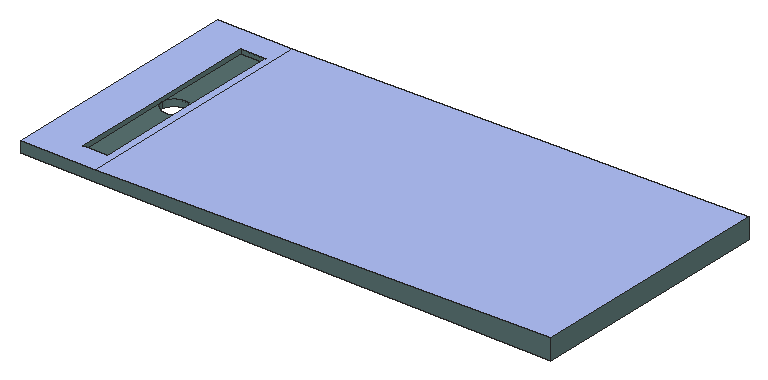
Revit family "ShowerBase_ProBaseII_NobleCompany", category Specialty Equipment, host Face, Revit 2017
Family settings
  Host = Face
  Round Connector Dimension = Use Diameter
  Part Type = Normal
  OmniClass Number = 23.35.50.11.21
  OmniClass Title = Floor Base and Accessories
  Cut with Voids When Loaded = No
  Shared = No
  Room Calculation Point = No
Parameters (values of type "32x60 Offset Drain")
  Width = 64 1/2"
  URL = "www.noblecompany.com"
  Type Comments = ""
  Tile Finish [instance] = Tile as Specified
  Product Properties = "http://www.noblecompany.com/Portals/0/PRODUCT%20INFO/Product%20Descriptions/FreeStyle%20Linear%20Drain%20Product%20Decription%200410.pdf"
  Product Data = "http://www.noblecompany.com/Products/ShowerProducts/tabid/59/Default.aspx"
  Model = "Pro Base II 3260"
  Manufacturer Phone - Toll Free = "800-878-5788"
  Manufacturer Phone = "231-799-8000"
  Manufacturer Fax = "231-799-8850"
  Manufacturer Email = "mailto:sales@noblecompany.com"
  Manufacturer Address = "7300 Enterprise Drive, Spring Lake, MI  49456 USA"
  Manufacturer = "Noble Company"
  Keynote = "09 30 13.A3"
  Hang = 1/8"
  Flush to Wall = no
  Drawn By = "Sumex Design / Robert S. Weygant"
  DrainLoc = 6 3/4"
  Drain Width = 4 1/2"
  Drain Length = 24"
  Drain Hole Diameter = 3"
  Depth = 32"
  Installation-Fabrication = "http://www.noblecompany.com/Portals/0/PRODUCT%20INFO/Product%20Descriptions/FreeStyle%20Linear%20Drain%20Product%20Decription%200410.pdf"
  Height = 2.467"
  Description = "Noble Pro Base II Shower Base Kit"
  Cut_Side B [instance] = 1"
  Cut_Side A [instance] = 1"
  Cut_Head = if((Flush to Wall), 4 1/2", 0")  # 0"
  Cut_End [instance] = 0"
  Copyright = "(c) 2018 ARCAT, Inc."
  Building Codes = "http://www.noblecompany.com/Portals/0/TECHNICAL%20INFO/Listing_Testing_Certification_Reports/PMG-1065%20Noble%20Company%20Linear%20Drain%20final%202.pdf"
  Base = Polypropylene - High Strength
  Assembly Code = "D2030300"
  Default Elevation = 0"
Types (4): name | Model | Flush to Wall | Drain Length | Depth | Cut_Head
  32x60 Flush to Wall | "Pro Base II 3260" | yes | 24" | 32" | 4 1/2"
  32x60 Offset Drain | "Pro Base II 3260" | no | 24" | 32" | 0"
  64x64 Flush to Wall | "Pro Base II 6464" | yes | 60" | 64" | 4 1/2"
  64x64 Offset Drain | "Pro Base II 6464" | no | 60" | 64" | 0"
Reference planes (in)
  plane 1 "Center (Front/Back)": y = 0
  plane 2: z = 0
  plane 3 "Center (Left/Right)": x = 0
  plane 4: x = 32.25
  plane 5: y = 16
  plane 6: z = 2.467
  plane 7: y = 15
  plane 8: x = 32.25
  plane 9 "TO Board": z = 1.25
  plane 10: x = -32.25
  plane 11: x = -32.25
  plane 12: y = -16
  plane 13: y = -15
  plane 14 "Drain CL": x = -25.5
  plane 15: x = -27.75
  plane 16: x = -23.25
  plane 17 "Drain Recess": z = 0.75
  plane 18: y = 12
  plane 19: y = -12
Forms (in)
  Extrusion 1, solid, material "Polypropylene - High Strength" <- "Base"
    sketch origin (0, 0, 0) x (1, 0, 0) y (0, 1, 0)
      loop
        line (-32.25, 16) -> (-32.25, -16) -> (32.25, -16) -> (32.25, 16) -> (-32.25, 16)
      loop
        circle (-25.5, 0) r 1.5
    from 0 to 2.467
  Extrusion 2, void
    sketch origin (0, 0, 0) x (1, 0, 0) y (0, 1, 0)
      loop
        line (-32.25, 15) -> (-32.25, -15) -> (32.25, -15) -> (32.25, 15) -> (-32.25, 15)
      loop
        line (-32.375, 16.125) -> (-32.375, -16.125) -> (32.375, -16.125) -> (32.375, 16.125) -> (-32.375, 16.125)
    from 0 to 2.467
  Extrusion 3, void
    sketch origin (0, 0, 0) x (1, 0, 0) y (0, 0, 1)
      loop
        line (32.25, 2.467) -> (-32.25, 2.467) -> (-32.25, 1.25) -> (-23.25, 1.25) -> (32.25, 2.467)
    from -16 to 16
  Extrusion 4, void
    sketch origin (0, 0, 0.75) x (-1, 0, 0) y (0, -1, 0)
      loop
        line (27, -12) -> (27, 12) -> (24, 12) -> (24, -12) -> (27, -12)
    from 0 to 1.717
Cuts and joins
  Extrusion 2, Extrusion 3, Extrusion 4 cuts Extrusion 1
Dimensions and locks (in)
  "Height": plane 6 to level
  "Width": plane 10 to plane 4
  "Depth": plane 5 to plane 12
  "Cut_Side A": plane 5 to plane 7
  "Cut_End": plane 8 to plane 4
  "Hang": plane 4 to Extrusion 2 sketch curve
  "Hang": Extrusion 2 sketch curve to plane 5
  locked: plane 9 "TO Board" to level at 1.25
  "Cut_Head": plane 10 to plane 11
  "Cut_Side B": plane 13 to plane 12
  "Hang": Extrusion 2 sketch curve to plane 10
  "Hang": plane 12 to Extrusion 2 sketch curve
  equal spacing: plane 10, plane 3 "Center (Left/Right)", plane 4
  equal spacing: plane 5, plane 1 "Center (Front/Back)", plane 12
  "DrainLoc": plane 10 to plane 14 "Drain CL"
  "Drain Width": plane 16 to plane 15
  equal spacing: plane 16, plane 14 "Drain CL", plane 15
  locked: plane 9 "TO Board" to plane 17 "Drain Recess" at 0.5
  equal spacing: plane 18, plane 1 "Center (Front/Back)", plane 19
  "Drain Length": plane 18 to plane 19
  locked: Extrusion 4 sketch curve to Extrusion 4 sketch curve at 3
  locked: plane 15 to Extrusion 4 sketch curve at 0.75
  "Drain Hole Diameter": diameter of Extrusion 1 sketch curve
  aligned and locked: plane 2 to host face
  aligned and locked: level to host face
  aligned and locked: Extrusion 1 sketch curve to plane 5
  aligned and locked: Extrusion 1 sketch curve to plane 4
  aligned and locked: plane 6 to Extrusion 1
  aligned and locked: Extrusion 2 sketch curve to plane 7
  aligned and locked: Extrusion 2 sketch curve to plane 8
  aligned and locked: plane 6 to Extrusion 2
  aligned and locked: plane 10 to Extrusion 1 sketch curve
  aligned and locked: plane 12 to Extrusion 1 sketch curve
  aligned and locked: plane 11 to Extrusion 2 sketch curve
  aligned and locked: plane 13 to Extrusion 2 sketch curve
  aligned and locked: plane 1 "Center (Front/Back)" to Extrusion 1 sketch curve
  aligned and locked: plane 14 "Drain CL" to Extrusion 1 sketch curve
  aligned and locked: plane 10 to Extrusion 3 sketch curve
  aligned and locked: Extrusion 3 sketch curve to plane 6
  aligned and locked: plane 9 "TO Board" to Extrusion 3 sketch curve
  aligned and locked: plane 4 to Extrusion 3 sketch curve
  aligned and locked: Extrusion 1 to Extrusion 3
  aligned and locked: plane 5 to Extrusion 3
  aligned and locked: Extrusion 4 sketch curve to plane 18
  aligned and locked: plane 19 to Extrusion 4 sketch curve
  aligned and locked: plane 6 to Extrusion 4
Automatic sketch dimensions
  host sketch curve to host sketch curve = 86.64016"
  host sketch curve to host sketch curve = 73.80345"
  Extrusion 3 sketch curve to plane 16 = 0"
